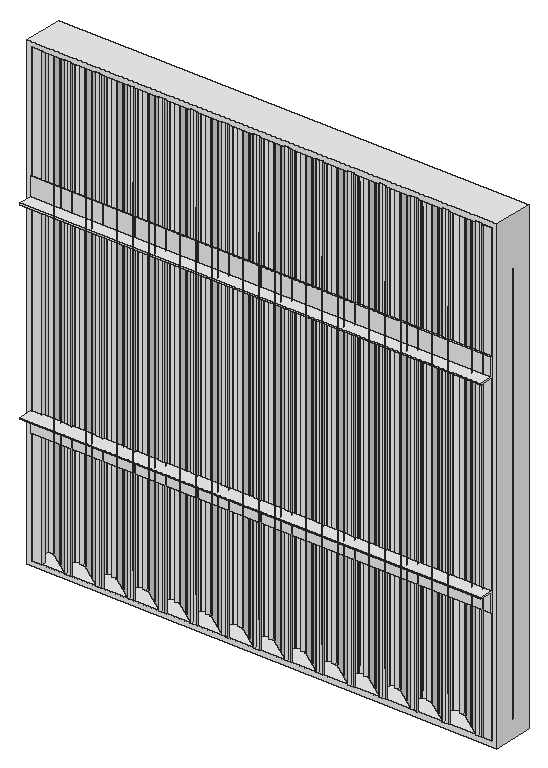
Revit family
Parameters (values of type "Louver_Screen_VV-400_All-Lite")
  URL = "http://www.alllite-louvers.com"
  Specifications = "http://www.alllite-louvers.com/catalog/AVV-400-csi-specification.doc"
  Spacing = 0.292 ft
  SmartBIM Object Version = 3  # constant formula
  SmartBIM Object Created By = "Reed Construction Data"  # constant formula
  Shim Thickness = 0.042 ft
  Screen Width = Width - (2 * Shim Thickness)  # 3.916 ft
  Screen Height = Height - (2 * Shim Thickness)  # 3.916 ft
  Screen = Aluminum
  Rough Width = 0.0 ft
  Rough Height = 0.0 ft
  Product URL = "http://www.alllite-louvers.com/catalog.php?model=VV-400"
  Pressure Loss (in.wg.) = "N/A"  # constant formula
  OmniClass Title = "Exterior Louvers and Grilles"  # constant formula
  OmniClass Code = "23-60 11 17"  # constant formula
  Model Number = "VV-400"  # constant formula
  Minimum Size = "12\" x 12\""
  Maximum Size - Single Section = "72\" x 144\" or 144\"x 72\""
  Maximum Size - Multiple Section = "Unlimited"
  Manufacturer = "All-Lite"  # constant formula
  Louver Width = Height - (2 * Shim Thickness)  # 3.916 ft
  Louver = Mill finish, 6063-T5 Extruded Aluminum
  Height = 4.0 ft
  Free Area for 48”x48” Louver = "38.8%"
  Free Area Velocity (fpm) = "N/A"  # constant formula
  Free Area (ft²) for 48"x48" Louver = 6.2 ft
  Frame = Mill finish, 6063-T5 Extruded Aluminum
  Default Sill Height = 3.0 ft
  Wall Closure = (empty or 0)
  Width = 4.0 ft
  Cut Sheet = "http://www.alllite-louvers.com/catalog/AVV400.pdf"
  Assembly Code = "B2010300"
  Air Volume Delivered (cfm) = "N/A"  # constant formula
  95 CSI = "10200 "  # constant formula
  04 CSI = "08 91 00"  # constant formula
  # of Louvers = (Height - 0.25 ft) / (Spacing)  # 13
Reference planes (ft)
  plane 1 "Center (Front/Back)": y = 0
  plane 2: z = 0.291667
  plane 3 "Center (Left/Right)": x = 0
  plane 4 "Left": x = -2
  plane 5 "Right": x = 2
  plane 6 "Sill": z = 3.291667
  plane 7 "Top": z = 7.291667
  plane 8: x = -1.958
  plane 9: x = 1.958
  plane 10: z = 7.249667
  plane 11: z = 3.333667
  plane 12: z = 5.291667
  plane 13: x = 1.591422
Forms (ft)
  Sweep 1, solid, material "Mill finish, 6063-T5 Extruded Aluminum" <- "Frame"
    path origin (-5, 0.333333, 0) x (-1, 0, 0) y (0, 0, 1)
      loop
        line (-3, 7.291667) -> (-7, 7.291667) -> (-7, 3.291667) -> (-3, 3.291667) -> (-3, 7.291667)
    profile origin (-2, 0.333333, 5.291667) x (0, 1, 0) y (-1, 0, 0)
      loop
        line (0, 0) -> (-0.333333, 0) -> (-0.333333, -0.042) -> (0, -0.042) -> (0, 0)
  Sweep 2, solid, material "Mill finish, 6063-T5 Extruded Aluminum" <- "Frame"
    path origin (-5, 0.333333, 0) x (-1, 0, 0) y (0, 0, 1)
      loop
        line (-6.958, 3.333667) -> (-6.958, 7.249667)
    profile "Vertical Profile : Vertical Profile" origin (1.958, 0.333333, 5.291667) x (1, 0, 0) y (0, 1, 0)
      loop
        line (-0.072917, -0.010417) -> (-0.010417, -0.010417) -> (-0.010417, -0.322917) -> (-0.072917, -0.322917) -> (-0.072917, -0.302083) -> (-0.083333, -0.302083) -> (-0.083333, -0.333333) -> (0, -0.333333) -> (0, 0) -> (-0.083333, 0) -> (-0.083333, -0.03125) -> (-0.072917, -0.03125) -> (-0.072917, -0.010417)
  Sweep 3, solid, material "Mill finish, 6063-T5 Extruded Aluminum" <- "Frame"
    path origin (5, 0.333333, 0) x (1, 0, 0) y (0, 0, -1)
      loop
        line (-6.958, -3.333667) -> (-6.958, -7.249667)
    profile "Vertical Profile : Vertical Profile" origin (-1.958, 0.333333, 5.291667) x (1, 0, 0) y (0, 1, 0)
      loop
        line (0.072917, -0.010417) -> (0.072917, -0.03125) -> (0.083333, -0.03125) -> (0.083333, 0) -> (0, 0) -> (0, -0.333333) -> (0.083333, -0.333333) -> (0.083333, -0.302083) -> (0.072917, -0.302083) -> (0.072917, -0.322917) -> (0.010417, -0.322917) -> (0.010417, -0.010417) -> (0.072917, -0.010417)
  Sweep 4, solid, material "Mill finish, 6063-T5 Extruded Aluminum" <- "Frame"
    path origin (1.958, 0, 3.333667) x (0, 0, 1) y (-1, 0, 0)
      loop
        line (0.979, 0) -> (0.979, 3.916)
    profile "Family6 : Family6" origin (0, 0, 4.312667) x (0, 0, -1) y (0, -1, 0)
      loop
        line (0, 0) -> (0, 0.010742) -> (-0.155924, 0.010742) -> (-0.155924, 0.125) -> (-0.166667, 0.125) -> (-0.166667, 0) -> (0, 0)
  Sweep 5, solid, material "Mill finish, 6063-T5 Extruded Aluminum" <- "Louver"
    path origin (-1.874667, 0, 3.333667) x (0, 0, 1) y (-1, 0, 0)
      loop
        line (2.937, -3.832667) -> (2.937, 0.083333)
    profile "Family6 : Family6" origin (0, 0, 6.270667) x (0, 0, -1) y (0, -1, 0)
      loop
        line (0, 0) -> (0.166667, 0) -> (0.166667, 0.125) -> (0.155924, 0.125) -> (0.155924, 0.010742) -> (0, 0.010742) -> (0, 0)
Lines and regions (ft)
  Opening 1
    outline origin (-5, -0.333333, 0) x (1, 0, 0) y (0, 0, 1)
      loop
        line (3, 7.291667) -> (3, 3.291667) -> (7, 3.291667) -> (7, 7.291667) -> (3, 7.291667)
  Masking region 1, detail levels coarse+medium
    outline origin (0, 0, 0) x (1, 0, 0) y (0, 1, 0)
      loop
        line (-2, 0) -> (-1.874667, 0) -> (-1.874667, 0.333333) -> (-2, 0.333333) -> (-2, 0)
      loop
        line (2, 0) -> (2, 0.333333) -> (1.874667, 0.333333) -> (1.874667, 0) -> (2, 0)
  Masking region 2, detail levels fine
    outline origin (0, 0, 0) x (1, 0, 0) y (0, 1, 0)
      loop
        line (1.885083, 0.322917) -> (1.947583, 0.322917) -> (1.947583, 0.010417) -> (1.885083, 0.010417) -> (1.885083, 0.03125) -> (1.874667, 0.03125) -> (1.874667, 0) -> (1.958, 0) -> (1.958, 0.333333) -> (1.874667, 0.333333) -> (1.874667, 0.302083) -> (1.885083, 0.302083) -> (1.885083, 0.322917)
      loop
        line (-1.947583, 0.322917) -> (-1.885083, 0.322917) -> (-1.885083, 0.302083) -> (-1.874667, 0.302083) -> (-1.874667, 0.333333) -> (-1.958, 0.333333) -> (-1.958, 0) -> (-1.874667, 0) -> (-1.874667, 0.03125) -> (-1.885083, 0.03125) -> (-1.885083, 0.010417) -> (-1.947583, 0.010417) -> (-1.947583, 0.322917)
Text (ft)
  text "EXTERIOR" at (-4.890733, 4.242245, 0), in view "Ref. Level"
  text "INTERIOR" at (-4.890733, -3.147199, 0), in view "Ref. Level"
  text "Exterior" at (0, 3.638026, 10.266337), in view "Left"
  text "Exterior" at (0, 1.524487, 10.420622), in view "Right"
Dimensions and locks (ft)
  equal spacing: plane 4 "Left", plane 3 "Center (Left/Right)", plane 5 "Right"
  "Width": plane 4 "Left" to plane 5 "Right"
  "Height": plane 6 "Sill" to plane 7 "Top"
  "Default Sill Height": plane 2 to plane 6 "Sill"
  "Shim Thickness": plane 4 "Left" to plane 8
  "Shim Thickness": plane 9 to plane 5 "Right"
  "Shim Thickness": plane 10 to plane 7 "Top"
  "Shim Thickness": plane 6 "Sill" to plane 11
  equal spacing: plane 11, plane 12, plane 10
  equal spacing: group 1, group 3, group 4, group 5, group 6, group 7, group 8, group 9, group 10, group 11, group 12, group 13, group 2  (x3)
  locked: plane 13 to plane 9 at 0.366578
  equal spacing: plane 11, Sweep 4 sketch curve, plane 12
  equal spacing: plane 12, Sweep 5 sketch curve, plane 10
  aligned and locked: plane 7 "Top" to Opening 1 sketch curve
  aligned and locked: plane 6 "Sill" to Opening 1 sketch curve  (x2)
  aligned and locked: plane 5 "Right" to Opening 1 sketch curve
  aligned and locked: plane 4 "Left" to Opening 1 sketch curve
  aligned and locked: Sweep 1 sketch curve to plane 4 "Left"
  aligned and locked: Sweep 1 sketch curve to plane 7 "Top"
  aligned and locked: Sweep 1 sketch curve to plane 6 "Sill"
  aligned and locked: Sweep 1 sketch curve to plane 5 "Right"
  aligned and locked: Sweep 1 sketch curve to host wall  (x2)
  aligned and locked: plane 8 to Sweep 1 sketch curve
  aligned and locked: profile plane to host wall
  aligned and locked: plane 11 to nested 1
  aligned and locked: plane 9 to Sweep 2 sketch curve
  aligned and locked: plane 10 to Sweep 2 sketch curve
  aligned and locked: plane 11 to Sweep 2 sketch curve
  aligned and locked: Sweep 3 sketch curve to plane 8
  aligned and locked: plane 10 to Sweep 3 sketch curve
  aligned and locked: plane 11 to Sweep 3 sketch curve
  aligned and locked: Sweep 2 to nested 2
  aligned and locked: nested 1 to Sweep 3
  aligned and locked: plane 13 to nested 3
  aligned and locked: plane 11 to nested 2
  aligned and locked: plane 11 to nested 3
  aligned and locked: plane 9 to Sweep 4 sketch curve
  aligned and locked: plane 8 to Sweep 4 sketch curve
  aligned and locked: Sweep 3 to nested 1
  aligned and locked: nested 2 to Sweep 2
  aligned and locked: nested 3 to Sweep 2
  aligned and locked: plane 8 to Sweep 5 sketch curve
  aligned and locked: plane 9 to Sweep 5 sketch curve
  aligned and locked: Sweep 1 sketch curve to Sweep 3
  aligned and locked: Masking region 1 sketch curve to plane 4 "Left"
  aligned and locked: Masking region 1 sketch curve to Sweep 3  (x3)
  aligned and locked: Masking region 1 sketch curve to plane 5 "Right"
  aligned and locked: Masking region 1 sketch curve to Sweep 2  (x3)
  aligned and locked: Masking region 2 sketch curve to Sweep 2  (x12)
  aligned and locked: Masking region 2 sketch curve to Sweep 3  (x12)
Nested families (ft)
  nested 1: "Louver" at (-2.033521, 0.162917, 3.333667) x (0, 1, 0) z (0, 0, 1), type "Louver"
    with Louver Length 3.916 ft
  nested 2: "Louver Single" at (1.466296, 0.162917, 3.333667) x (0, 1, 0) z (0, 0, 1), type "Louver"
    with Louver Length 3.916 ft
  nested 3: "Louver" at (1.183051, 0.162917, 3.333667) x (0, 1, 0) z (0, 0, 1), type "Louver"
    with Louver Length 3.916 ft
  nested 4: "Louver" at (-1.765473, 0.162917, 3.333667) x (0, 1, 0) z (0, 0, 1), type "Louver"
    with Louver Length 3.916 ft
  nested 5: "Louver" at (-1.497426, 0.162917, 3.333667) x (0, 1, 0) z (0, 0, 1), type "Louver"
    with Louver Length 3.916 ft
  nested 6: "Louver" at (-1.229378, 0.162917, 3.333667) x (0, 1, 0) z (0, 0, 1), type "Louver"
    with Louver Length 3.916 ft
  nested 7: "Louver" at (-0.96133, 0.162917, 3.333667) x (0, 1, 0) z (0, 0, 1), type "Louver"
    with Louver Length 3.916 ft
  nested 8: "Louver" at (-0.693283, 0.162917, 3.333667) x (0, 1, 0) z (0, 0, 1), type "Louver"
    with Louver Length 3.916 ft
  nested 9: "Louver" at (-0.425235, 0.162917, 3.333667) x (0, 1, 0) z (0, 0, 1), type "Louver"
    with Louver Length 3.916 ft
  nested 10: "Louver" at (-0.157187, 0.162917, 3.333667) x (0, 1, 0) z (0, 0, 1), type "Louver"
    with Louver Length 3.916 ft
  nested 11: "Louver" at (0.11086, 0.162917, 3.333667) x (0, 1, 0) z (0, 0, 1), type "Louver"
    with Louver Length 3.916 ft
  nested 12: "Louver" at (0.378908, 0.162917, 3.333667) x (0, 1, 0) z (0, 0, 1), type "Louver"
    with Louver Length 3.916 ft
  nested 13: "Louver" at (0.646956, 0.162917, 3.333667) x (0, 1, 0) z (0, 0, 1), type "Louver"
    with Louver Length 3.916 ft
  nested 14: "Louver" at (0.915003, 0.162917, 3.333667) x (0, 1, 0) z (0, 0, 1), type "Louver"
    with Louver Length 3.916 ft
Definition of nested family "Louver"
  Parameters (values of type "Louver")
    Louver Length = 3.75 ft
    Louver = All-Lite - El Cajon Silver
    Assembly Code = ""
  Reference planes (ft)
    plane 1 "Center (Front/Back)": y = -0.085938
    plane 2: z = 0
    plane 3 "Center (Left/Right)": x = 0
    plane 4: y = -0.247154
    plane 5: z = 3.75
    plane 6: y = -0.408371
    plane 7: y = -0.521697
  Forms (ft)
    Extrusion 1, solid, material "All-Lite - El Cajon Silver" <- "Louver"
      sketch origin (0.162917, -0.161217, 0) x (0, 1, 0) y (-1, 0, 0)
        loop
          line (-0.191971, 0.319083) -> (-0.103375, 0.256542)
          arc (-0.103375, 0.256542) -> (-0.102273, 0.254491) -> (-0.103253, 0.252379) r 0.002604
          arc (-0.103253, 0.252379) -> (-0.107368, 0.246614) -> (-0.107824, 0.239546) r 0.012917
          arc (-0.107824, 0.239546) -> (-0.104356, 0.237312) -> (-0.102123, 0.24078) r 0.002917
          arc (-0.102123, 0.24078) -> (-0.091137, 0.248082) -> (-0.094241, 0.235262) r 0.007083
          arc (-0.094241, 0.235262) -> (-0.096736, 0.231977) -> (-0.093452, 0.229482) r 0.002917
          arc (-0.093452, 0.229482) -> (-0.087004, 0.232297) -> (-0.082987, 0.238073) r 0.012917
          arc (-0.082987, 0.238073) -> (-0.081325, 0.239703) -> (-0.079023, 0.239353) r 0.002604
          line (-0.079023, 0.239353) -> (0.02323, 0.167172)
          arc (0.02323, 0.167172) -> (0.025435, 0.162917) -> (0.02323, 0.158662) r 0.005208
          line (0.02323, 0.158662) -> (-0.079023, 0.086481)
          arc (-0.079023, 0.086481) -> (-0.081325, 0.08613) -> (-0.082987, 0.08776) r 0.002604
          arc (-0.082987, 0.08776) -> (-0.087004, 0.093537) -> (-0.093452, 0.096351) r 0.012917
          arc (-0.093452, 0.096351) -> (-0.096736, 0.093856) -> (-0.094241, 0.090572) r 0.002917
          arc (-0.094241, 0.090572) -> (-0.091137, 0.077751) -> (-0.102123, 0.085053) r 0.007083
          arc (-0.102123, 0.085053) -> (-0.104356, 0.088521) -> (-0.107824, 0.086288) r 0.002917
          arc (-0.107824, 0.086288) -> (-0.107368, 0.07922) -> (-0.103253, 0.073455) r 0.012917
          arc (-0.103253, 0.073455) -> (-0.102273, 0.071342) -> (-0.103375, 0.069291) r 0.002604
          line (-0.103375, 0.069291) -> (-0.16217, 0.027787)
          arc (-0.16217, 0.027787) -> (-0.163598, 0.027077) -> (-0.165174, 0.026833) r 0.005208
          line (-0.165174, 0.026833) -> (-0.209404, 0.026833)
          arc (-0.209404, 0.026833) -> (-0.213087, 0.025308) -> (-0.214612, 0.021625) r 0.005208
          line (-0.214612, 0.021625) -> (-0.214612, 0.00675) -> (-0.234493, 0.00675)
          arc (-0.234493, 0.00675) -> (-0.236678, 0.00723) -> (-0.23846, 0.008583) r 0.005208
          arc (-0.23846, 0.008583) -> (-0.247154, 0.007393) -> (-0.242426, 0) r 0.005208
          line (-0.242426, 0) -> (-0.196612, 0) -> (-0.196612, 0.00675) -> (-0.207862, 0.00675) -> (-0.207862, 0.017375)
          arc (-0.207862, 0.017375) -> (-0.207069, 0.01929) -> (-0.205154, 0.020083) r 0.002708
          line (-0.205154, 0.020083) -> (-0.166404, 0.020083)
          arc (-0.166404, 0.020083) -> (-0.164489, 0.01929) -> (-0.163696, 0.017375) r 0.002708
          line (-0.163696, 0.017375) -> (-0.163696, 0.00675) -> (-0.174946, 0.00675) -> (-0.174946, 0) -> (-0.168196, 0) -> (-0.162154, 0)
          arc (-0.162154, 0) -> (-0.158471, 0.001525) -> (-0.156946, 0.005208) r 0.005208
          line (-0.156946, 0.005208) -> (-0.156946, 0.020744)
          arc (-0.156946, 0.020744) -> (-0.156362, 0.02314) -> (-0.154741, 0.024999) r 0.005208
          line (-0.154741, 0.024999) -> (0.034505, 0.158588)
          arc (0.034505, 0.158588) -> (0.035933, 0.159298) -> (0.037509, 0.159542) r 0.005208
          line (0.037509, 0.159542) -> (0.071904, 0.159542)
          arc (0.071904, 0.159542) -> (0.075279, 0.162917) -> (0.071904, 0.166292) r 0.003375
          line (0.071904, 0.166292) -> (0.037509, 0.166292)
          arc (0.037509, 0.166292) -> (0.035933, 0.166536) -> (0.034505, 0.167245) r 0.005208
          line (0.034505, 0.167245) -> (-0.188804, 0.32488)
          arc (-0.188804, 0.32488) -> (-0.190232, 0.325589) -> (-0.191808, 0.325833) r 0.005208
          line (-0.191808, 0.325833) -> (-0.21461, 0.325833) -> (-0.242426, 0.325833)
          arc (-0.242426, 0.325833) -> (-0.247154, 0.31844) -> (-0.23846, 0.31725) r 0.005208
          arc (-0.23846, 0.31725) -> (-0.236678, 0.318603) -> (-0.234493, 0.319083) r 0.005208
          line (-0.234493, 0.319083) -> (-0.21461, 0.319083) -> (-0.191971, 0.319083)
        loop
          line (-0.1484, 0.16126) -> (-0.312273, 0.028001)
          arc (-0.312273, 0.028001) -> (-0.313815, 0.027134) -> (-0.315559, 0.026833) r 0.005208
          line (-0.315559, 0.026833) -> (-0.355272, 0.026833)
          arc (-0.355272, 0.026833) -> (-0.358955, 0.025308) -> (-0.36048, 0.021625) r 0.005208
          line (-0.36048, 0.021625) -> (-0.36048, 0.005208)
          arc (-0.36048, 0.005208) -> (-0.358955, 0.001525) -> (-0.355272, 0) r 0.005208
          line (-0.355272, 0) -> (-0.34248, 0) -> (-0.34248, 0.00675) -> (-0.35373, 0.00675) -> (-0.35373, 0.017375)
          arc (-0.35373, 0.017375) -> (-0.352937, 0.01929) -> (-0.351022, 0.020083) r 0.002708
          line (-0.351022, 0.020083) -> (-0.312272, 0.020083)
          arc (-0.312272, 0.020083) -> (-0.310357, 0.01929) -> (-0.309564, 0.017375) r 0.002708
          line (-0.309564, 0.017375) -> (-0.309564, 0.00675) -> (-0.320814, 0.00675) -> (-0.320814, 0) -> (-0.308022, 0)
          arc (-0.308022, 0) -> (-0.304339, 0.001525) -> (-0.302814, 0.005208) r 0.005208
          line (-0.302814, 0.005208) -> (-0.302814, 0.024078)
          arc (-0.302814, 0.024078) -> (-0.302312, 0.026307) -> (-0.300905, 0.028107) r 0.005208
          line (-0.300905, 0.028107) -> (-0.147873, 0.153436)
          arc (-0.147873, 0.153436) -> (-0.14369, 0.15454) -> (-0.140116, 0.152102) r 0.005208
          line (-0.140116, 0.152102) -> (-0.100728, 0.086965)
          arc (-0.100728, 0.086965) -> (-0.092665, 0.079489) -> (-0.095966, 0.089977) r 0.005688
          line (-0.095966, 0.089977) -> (-0.136672, 0.157312)
          arc (-0.136672, 0.157312) -> (-0.138235, 0.162917) -> (-0.136672, 0.168521) r 0.010833
          line (-0.136672, 0.168521) -> (-0.095966, 0.235856)
          arc (-0.095966, 0.235856) -> (-0.092665, 0.246345) -> (-0.100728, 0.238868) r 0.005688
          line (-0.100728, 0.238868) -> (-0.145965, 0.164059)
          arc (-0.145965, 0.164059) -> (-0.147062, 0.162555) -> (-0.1484, 0.16126) r 0.010833
      from 0 to 3.75
  Dimensions and locks (ft)
    "Louver Length": plane 5 to level
    aligned and locked: plane 5 to Extrusion 1
    aligned and locked: Extrusion 1 to level
  Automatic sketch dimensions
    Extrusion 1 sketch curve to Extrusion 1 sketch curve = 0.0 ft  (x28)
    Extrusion 1 sketch curve to plane 7 = 0.0 ft
    Extrusion 1 sketch curve to plane 3 "Center (Left/Right)" = 0.0 ft  (x3)
    Extrusion 1 sketch curve to Extrusion 1 sketch curve = 0.005208 ft  (x4)
    Extrusion 1 sketch curve to plane 7 = 0.005208 ft
    Extrusion 1 sketch curve to Extrusion 1 sketch curve = 0.001542 ft  (x7)
    Extrusion 1 sketch curve to Extrusion 1 sketch curve = 0.002708 ft  (x3)
    Extrusion 1 sketch curve to Extrusion 1 sketch curve = 0.012792 ft
    Extrusion 1 sketch curve to Extrusion 1 sketch curve = 0.021667 ft  (x2)
    Extrusion 1 sketch curve to Extrusion 1 sketch curve = 0.005255 ft
    Extrusion 1 sketch curve to Extrusion 1 sketch curve = 0.003286 ft
    Extrusion 1 sketch curve to Extrusion 1 sketch curve = 0.003287 ft
    Extrusion 1 sketch curve to Extrusion 1 sketch curve = 0.001908 ft
    Extrusion 1 sketch curve to Extrusion 1 sketch curve = 0.0033 ft  (x2)
    plane 6 to Extrusion 1 sketch curve = 0.004728 ft  (x2)
    Extrusion 1 sketch curve to Extrusion 1 sketch curve = 0.003967 ft  (x4)
    Extrusion 1 sketch curve to Extrusion 1 sketch curve = 0.01988 ft
    Extrusion 1 sketch curve to Extrusion 1 sketch curve = 0.019883 ft
    Extrusion 1 sketch curve to Extrusion 1 sketch curve = 0.00675 ft  (x4)
    Extrusion 1 sketch curve to Extrusion 1 sketch curve = 0.01125 ft
    Extrusion 1 sketch curve to Extrusion 1 sketch curve = 0.022638 ft
    Extrusion 1 sketch curve to Extrusion 1 sketch curve = 0.000164 ft
    Extrusion 1 sketch curve to Extrusion 1 sketch curve = 0.003004 ft  (x6)
    Extrusion 1 sketch curve to Extrusion 1 sketch curve = 0.008542 ft
    Extrusion 1 sketch curve to Extrusion 1 sketch curve = 0.00123 ft
    Extrusion 1 sketch curve to Extrusion 1 sketch curve = 0.0045 ft
    Extrusion 1 sketch curve to Extrusion 1 sketch curve = 0.006042 ft
    Extrusion 1 sketch curve to plane 3 "Center (Left/Right)" = 0.006748 ft
    plane 4 to Extrusion 1 sketch curve = 0.069298 ft
    Extrusion 1 sketch curve to Extrusion 1 sketch curve = 0.002205 ft
    plane 3 "Center (Left/Right)" to Extrusion 1 sketch curve = 0.001657 ft
    Extrusion 1 sketch curve to Extrusion 1 sketch curve = 0.006835 ft
    Extrusion 1 sketch curve to Extrusion 1 sketch curve = 0.000527 ft
    Extrusion 1 sketch curve to plane 3 "Center (Left/Right)" = 0.001143 ft
    plane 3 "Center (Left/Right)" to Extrusion 1 sketch curve = 0.010815 ft
    Extrusion 1 sketch curve to Extrusion 1 sketch curve = 0.004457 ft
    plane 3 "Center (Left/Right)" to Extrusion 1 sketch curve = 0.005605 ft
    Extrusion 1 sketch curve to Extrusion 1 sketch curve = 0.003444 ft
    Extrusion 1 sketch curve to plane 3 "Center (Left/Right)" = 0.005605 ft
    Extrusion 1 sketch curve to Extrusion 1 sketch curve = 0.009271 ft
    plane 4 to Extrusion 1 sketch curve = 0.021886 ft  (x2)
    Extrusion 1 sketch curve to Extrusion 1 sketch curve = 0.002851 ft  (x2)
    Extrusion 1 sketch curve to Extrusion 1 sketch curve = 0.002754 ft  (x2)
    Extrusion 1 sketch curve to Extrusion 1 sketch curve = 0.001502 ft  (x4)
    Extrusion 1 sketch curve to Extrusion 1 sketch curve = 0.001624 ft  (x2)
    Extrusion 1 sketch curve to Extrusion 1 sketch curve = 0.001395 ft  (x2)
    Extrusion 1 sketch curve to Extrusion 1 sketch curve = 0.004761 ft  (x2)
    Extrusion 1 sketch curve to Extrusion 1 sketch curve = 0.000261 ft  (x2)
    Extrusion 1 sketch curve to Extrusion 1 sketch curve = 0.000506 ft  (x2)
    Extrusion 1 sketch curve to Extrusion 1 sketch curve = 0.001725 ft  (x2)
    Extrusion 1 sketch curve to Extrusion 1 sketch curve = 0.000395 ft  (x2)
    Extrusion 1 sketch curve to plane 4 = 0.00295 ft  (x2)
    Extrusion 1 sketch curve to Extrusion 1 sketch curve = 0.002462 ft  (x2)
    plane 1 "Center (Front/Back)" to Extrusion 1 sketch curve = 0.055053 ft
    Extrusion 1 sketch curve to plane 3 "Center (Left/Right)" = 0.004255 ft
    plane 3 "Center (Left/Right)" to Extrusion 1 sketch curve = 0.004255 ft
    Extrusion 1 sketch curve to plane 3 "Center (Left/Right)" = 0.004328 ft
    Extrusion 1 sketch curve to Extrusion 1 sketch curve = 0.011275 ft
    plane 1 "Center (Front/Back)" to Extrusion 1 sketch curve = 0.003375 ft
    Extrusion 1 sketch curve to Extrusion 1 sketch curve = 0.002695 ft
    plane 3 "Center (Left/Right)" to Extrusion 1 sketch curve = 0.066565 ft
    Extrusion 1 sketch curve to Extrusion 1 sketch curve = 0.00289 ft  (x2)
    Extrusion 1 sketch curve to Extrusion 1 sketch curve = 0.000594 ft  (x2)
    Extrusion 1 sketch curve to Extrusion 1 sketch curve = 0.001913 ft  (x2)
    plane 3 "Center (Left/Right)" to Extrusion 1 sketch curve = 0.130875 ft
    Extrusion 1 sketch curve to Extrusion 1 sketch curve = 0.039377 ft
    Extrusion 1 sketch curve to Extrusion 1 sketch curve = 0.003934 ft
    Extrusion 1 sketch curve to Extrusion 1 sketch curve = 0.004041 ft
    Extrusion 1 sketch curve to Extrusion 1 sketch curve = 0.004255 ft
    Extrusion 1 sketch curve to Extrusion 1 sketch curve = 0.002788 ft
    Extrusion 1 sketch curve to Extrusion 1 sketch curve = 0.009667 ft
    Extrusion 1 sketch curve to Extrusion 1 sketch curve = 0.003375 ft  (x2)
    Extrusion 1 sketch curve to Extrusion 1 sketch curve = 0.010625 ft  (x3)
    plane 3 "Center (Left/Right)" to Extrusion 1 sketch curve = 0.008583 ft
    plane 3 "Center (Left/Right)" to Extrusion 1 sketch curve = 0.004328 ft
    Extrusion 1 sketch curve to plane 3 "Center (Left/Right)" = 0.066565 ft
    Extrusion 1 sketch curve to Extrusion 1 sketch curve = 0.05946 ft
Definition of nested family "Louver Single"
  Parameters (values of type "Louver")
    Louver Length = 4.916667 ft
    Louver = All-Lite - El Cajon Silver
    Assembly Code = ""
  Reference planes (ft)
    plane 1 "Center (Front/Back)": y = -0.085938
    plane 2: z = 0
    plane 3 "Center (Left/Right)": x = 0
    plane 4: y = -0.247154
    plane 5: z = 4.916667
    plane 6: y = -0.408371
  Forms (ft)
    Extrusion 1, solid, material "All-Lite - El Cajon Silver" <- "Louver"
      sketch origin (0.162917, -0.161217, 0) x (0, 1, 0) y (-1, 0, 0)
        loop
          line (-0.192297, 0.319083) -> (-0.1037, 0.256542)
          arc (-0.1037, 0.256542) -> (-0.102599, 0.254491) -> (-0.103578, 0.252379) r 0.002604
          arc (-0.103578, 0.252379) -> (-0.107693, 0.246614) -> (-0.108149, 0.239546) r 0.012917
          arc (-0.108149, 0.239546) -> (-0.104681, 0.237312) -> (-0.102448, 0.24078) r 0.002917
          arc (-0.102448, 0.24078) -> (-0.091462, 0.248082) -> (-0.094567, 0.235262) r 0.007083
          arc (-0.094567, 0.235262) -> (-0.097062, 0.231977) -> (-0.093777, 0.229482) r 0.002917
          arc (-0.093777, 0.229482) -> (-0.087329, 0.232297) -> (-0.083313, 0.238073) r 0.012917
          arc (-0.083313, 0.238073) -> (-0.08165, 0.239703) -> (-0.079349, 0.239353) r 0.002604
          line (-0.079349, 0.239353) -> (0.022904, 0.167172)
          arc (0.022904, 0.167172) -> (0.025109, 0.162917) -> (0.022904, 0.158662) r 0.005208
          line (0.022904, 0.158662) -> (-0.079349, 0.086481)
          arc (-0.079349, 0.086481) -> (-0.08165, 0.08613) -> (-0.083313, 0.08776) r 0.002604
          arc (-0.083313, 0.08776) -> (-0.087329, 0.093537) -> (-0.093777, 0.096351) r 0.012917
          arc (-0.093777, 0.096351) -> (-0.097062, 0.093856) -> (-0.094567, 0.090572) r 0.002917
          arc (-0.094567, 0.090572) -> (-0.091462, 0.077751) -> (-0.102448, 0.085053) r 0.007083
          arc (-0.102448, 0.085053) -> (-0.104681, 0.088521) -> (-0.108149, 0.086288) r 0.002917
          arc (-0.108149, 0.086288) -> (-0.107693, 0.07922) -> (-0.103578, 0.073455) r 0.012917
          arc (-0.103578, 0.073455) -> (-0.102599, 0.071342) -> (-0.1037, 0.069291) r 0.002604
          line (-0.1037, 0.069291) -> (-0.162496, 0.027787)
          arc (-0.162496, 0.027787) -> (-0.163924, 0.027077) -> (-0.1655, 0.026833) r 0.005208
          line (-0.1655, 0.026833) -> (-0.209404, 0.026833)
          arc (-0.209404, 0.026833) -> (-0.213087, 0.025308) -> (-0.214612, 0.021625) r 0.005208
          line (-0.214612, 0.021625) -> (-0.214612, 0.00675) -> (-0.234493, 0.00675)
          arc (-0.234493, 0.00675) -> (-0.236678, 0.00723) -> (-0.23846, 0.008583) r 0.005208
          arc (-0.23846, 0.008583) -> (-0.247154, 0.007393) -> (-0.242426, 0) r 0.005208
          line (-0.242426, 0) -> (-0.196612, 0) -> (-0.196612, 0.00675) -> (-0.207862, 0.00675) -> (-0.207862, 0.017375)
          arc (-0.207862, 0.017375) -> (-0.207069, 0.01929) -> (-0.205154, 0.020083) r 0.002708
          line (-0.205154, 0.020083) -> (-0.166404, 0.020083)
          arc (-0.166404, 0.020083) -> (-0.164489, 0.01929) -> (-0.163696, 0.017375) r 0.002708
          line (-0.163696, 0.017375) -> (-0.163696, 0.00675) -> (-0.174946, 0.00675) -> (-0.174946, 0) -> (-0.168196, 0) -> (-0.162154, 0)
          arc (-0.162154, 0) -> (-0.158471, 0.001525) -> (-0.156946, 0.005208) r 0.005208
          line (-0.156946, 0.005208) -> (-0.156946, 0.020744)
          arc (-0.156946, 0.020744) -> (-0.156362, 0.02314) -> (-0.154741, 0.024999) r 0.005208
          line (-0.154741, 0.024999) -> (0.034505, 0.158588)
          arc (0.034505, 0.158588) -> (0.035933, 0.159298) -> (0.037509, 0.159542) r 0.005208
          line (0.037509, 0.159542) -> (0.071904, 0.159542)
          arc (0.071904, 0.159542) -> (0.075279, 0.162917) -> (0.071904, 0.166292) r 0.003375
          line (0.071904, 0.166292) -> (0.037509, 0.166292)
          arc (0.037509, 0.166292) -> (0.035933, 0.166536) -> (0.034505, 0.167245) r 0.005208
          line (0.034505, 0.167245) -> (-0.188804, 0.32488)
          arc (-0.188804, 0.32488) -> (-0.190232, 0.325589) -> (-0.191808, 0.325833) r 0.005208
          line (-0.191808, 0.325833) -> (-0.21461, 0.325833) -> (-0.242426, 0.325833)
          arc (-0.242426, 0.325833) -> (-0.247154, 0.31844) -> (-0.23846, 0.31725) r 0.005208
          arc (-0.23846, 0.31725) -> (-0.236678, 0.318603) -> (-0.234493, 0.319083) r 0.005208
          line (-0.234493, 0.319083) -> (-0.21461, 0.319083) -> (-0.192297, 0.319083)
      from 0 to 4.916667
  Dimensions and locks (ft)
    "Louver Length": plane 5 to level
    aligned and locked: plane 5 to Extrusion 1
    aligned and locked: Extrusion 1 to level
  Automatic sketch dimensions
    Extrusion 1 sketch curve to Extrusion 1 sketch curve = 0.0 ft  (x28)
    Extrusion 1 sketch curve to plane 3 "Center (Left/Right)" = 0.0 ft  (x2)
    plane 6 to Extrusion 1 sketch curve = 0.004728 ft  (x2)
    Extrusion 1 sketch curve to Extrusion 1 sketch curve = 0.003967 ft  (x4)
    Extrusion 1 sketch curve to Extrusion 1 sketch curve = 0.01988 ft
    Extrusion 1 sketch curve to Extrusion 1 sketch curve = 0.019883 ft
    Extrusion 1 sketch curve to Extrusion 1 sketch curve = 0.005208 ft
    Extrusion 1 sketch curve to Extrusion 1 sketch curve = 0.00675 ft  (x5)
    Extrusion 1 sketch curve to Extrusion 1 sketch curve = 0.002708 ft  (x2)
    Extrusion 1 sketch curve to Extrusion 1 sketch curve = 0.01125 ft
    Extrusion 1 sketch curve to Extrusion 1 sketch curve = 0.022313 ft
    Extrusion 1 sketch curve to Extrusion 1 sketch curve = 0.000489 ft
    Extrusion 1 sketch curve to Extrusion 1 sketch curve = 0.003004 ft  (x7)
    Extrusion 1 sketch curve to Extrusion 1 sketch curve = 0.021667 ft
    Extrusion 1 sketch curve to Extrusion 1 sketch curve = 0.008542 ft
    Extrusion 1 sketch curve to Extrusion 1 sketch curve = 0.000904 ft
    Extrusion 1 sketch curve to Extrusion 1 sketch curve = 0.001542 ft  (x3)
    Extrusion 1 sketch curve to Extrusion 1 sketch curve = 0.002205 ft
    plane 4 to Extrusion 1 sketch curve = 0.022212 ft  (x2)
    Extrusion 1 sketch curve to Extrusion 1 sketch curve = 0.002851 ft  (x2)
    Extrusion 1 sketch curve to Extrusion 1 sketch curve = 0.002754 ft  (x2)
    Extrusion 1 sketch curve to Extrusion 1 sketch curve = 0.001502 ft  (x4)
    Extrusion 1 sketch curve to Extrusion 1 sketch curve = 0.001624 ft  (x2)
    Extrusion 1 sketch curve to Extrusion 1 sketch curve = 0.006923 ft  (x2)
    Extrusion 1 sketch curve to Extrusion 1 sketch curve = 0.000959 ft  (x2)
    Extrusion 1 sketch curve to Extrusion 1 sketch curve = 0.000395 ft  (x2)
    Extrusion 1 sketch curve to plane 4 = 0.002625 ft  (x2)
    Extrusion 1 sketch curve to Extrusion 1 sketch curve = 0.002462 ft  (x2)
    plane 1 "Center (Front/Back)" to Extrusion 1 sketch curve = 0.055379 ft
    plane 3 "Center (Left/Right)" to Extrusion 1 sketch curve = 0.004328 ft
    Extrusion 1 sketch curve to Extrusion 1 sketch curve = 0.011601 ft
    Extrusion 1 sketch curve to plane 3 "Center (Left/Right)" = 0.004328 ft
    plane 1 "Center (Front/Back)" to Extrusion 1 sketch curve = 0.003375 ft
    Extrusion 1 sketch curve to Extrusion 1 sketch curve = 0.004255 ft  (x2)
    plane 3 "Center (Left/Right)" to Extrusion 1 sketch curve = 0.066565 ft
    Extrusion 1 sketch curve to Extrusion 1 sketch curve = 0.00289 ft  (x2)
    Extrusion 1 sketch curve to Extrusion 1 sketch curve = 0.039377 ft
    Extrusion 1 sketch curve to Extrusion 1 sketch curve = 0.002788 ft
    Extrusion 1 sketch curve to Extrusion 1 sketch curve = 0.009667 ft
    Extrusion 1 sketch curve to Extrusion 1 sketch curve = 0.003375 ft  (x2)
    Extrusion 1 sketch curve to Extrusion 1 sketch curve = 0.010625 ft
    plane 3 "Center (Left/Right)" to Extrusion 1 sketch curve = 0.004255 ft
    Extrusion 1 sketch curve to plane 3 "Center (Left/Right)" = 0.066565 ft
    Extrusion 1 sketch curve to Extrusion 1 sketch curve = 0.05946 ft
